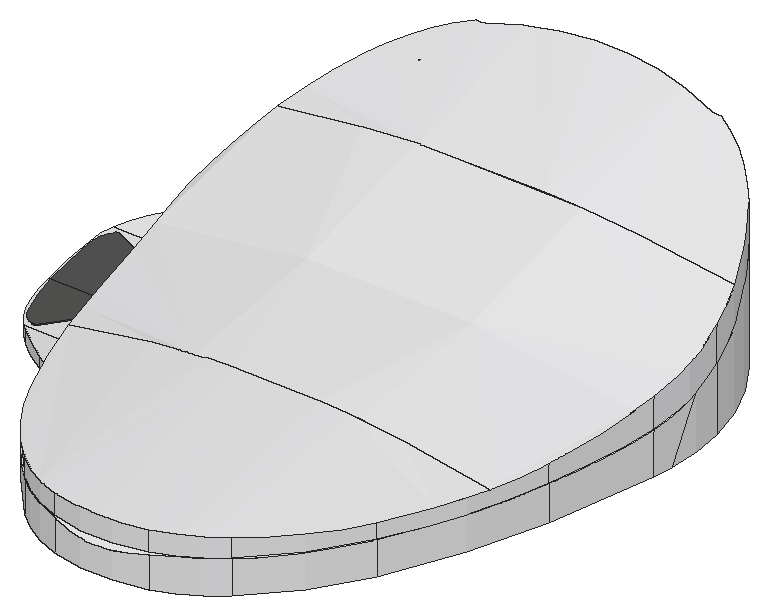
Revit family "Toilet_Seat-Elongated_Closed_Front-KOHLER-C3-230-K-4108T", category Plumbing Fixtures, host Face, Revit 2017
Family settings
  Host = Face
  Round Connector Dimension = Use Diameter
  Part Type = Normal
  OmniClass Number = 23.31.19.19.17
  OmniClass Title = Water Closet Seats
  Cut with Voids When Loaded = No
  Shared = No
  Room Calculation Point = No
Parameters (values of type "0-White")
  Width = 17 1/8"  # constant formula
  WaterSense Certified = 1 = 0  # no
  Waste Connection = 1 = 0  # no
  Voltage = 240 V  # constant formula
  Vent Connection = 1 = 0  # no
  URL = "http://www.kohler.com.cn/"
  Product Page URL = "https://www.kohler.com.cn/product/K-4108T-0/K-4108T-0/"
  Product Name = "C3-230"  # constant formula
  Product Documentation Link = "https://files.kohler.com.cn/pdfs/4108T.pdf"
  Model = "K-4108T-0"  # constant formula
  Material = "Plastic"  # constant formula
  MasterFormat 2004 = "10.28.13"  # constant formula
  MasterFormat 1995 = "10820"  # constant formula
  Manufacturer Address = "Kohler Beijing Office (100016) 36-2-03-B, No. 88, Liuxiang Road, Beijing"  # constant formula
  Manufacturer = "KOHLER Co."  # constant formula
  Length = 20 1/2"  # constant formula
  Height = 6 3/16"  # constant formula
  HW Connection = 1 = 0  # no
  Finish = Kohler-Plastic-0-White
  Environmental Product Declaration = ""
  Electrical Note = "Route the electrical and install to a 220-240V GFCI- or ELCB-protected Receptacle"  # constant formula
  Electrical Connector = 1 = 1  # yes
  Description = "Qingshubao Smart Toilet Cover"  # constant formula
  Default Elevation = 0"
  Declare Label = ""
  Date Modified = "12/22/2020"  # constant formula
  Date Created = "12/22/2020"  # constant formula
  Copyright = "Copyright KOHLER Co."  # constant formula
  Contact Us = "http://www.kohler.com.cn/contact/contact-us/"
  Cold Water Inlet = "Cold Water Inlet"  # constant formula
  CW Connection = 1 = 1  # yes
  Assembly Code = "C1030200"
  Apparent Load = 2400 VA  # constant formula
  ADA Compliant = 1 = 0  # no
Reference planes (in)
  plane 1 "Center (Front/Back)": y = 0
  plane 2: z = 0
  plane 3 "Center (Left/Right)": x = 0
  plane 4: y = -20.5
  plane 5: z = 6.1875
  plane 6: x = 7.69278
  plane 7: x = -9.43222
  plane 8: z = 0.25235
  plane 9: y = -10.75
  plane 10: y = -5.80094
  plane 11: x = -7.9233
  plane 12: z = 0.92035
Dimensions and locks (in)
  "Length": plane 4 to plane 1 "Center (Front/Back)"
  "Height": plane 5 to level
  "Width": plane 6 to plane 7
  plane 9 to plane 1 "Center (Front/Back)" = 10 3/4"
  aligned and locked: plane 2 to host face
  aligned and locked: level to host face
Automatic sketch dimensions
  host sketch curve to host sketch curve = 96"  (x2)
Nested families (in)
  nested 1: "K-4108T" at (0.00528, 0, 0), type "K-4108T"
  nested 2: "Light Source" at (-0.00955, 0.2126, 0.60029) x (0, 1, 0) z (0, 0, 1), type "Light Source"
Connectors (in)
  electrical at (-7.33232, -4.75583, 1.1855), driven by "Electrical Connector", driven by "Electrical Note", driven by "Voltage", driven by "Apparent Load"
    settings: on nested 1, index 1, voltage 240 V, apparent load 2400 VA, apparent load phase1 0 VA, apparent load phase2 0 VA, apparent load phase3 0 VA, power factor 1, load classification "Power", number of poles 1, system type 30, power factor state 1, is connector primary yes, connector utility yes, sub classification motor no, connector description "Route the electrical and install to a 220-240V GFCI- or ELCB-protected Receptacle"
  piping at (-7.9233, -5.80094, 0.92035), diameter 0.5, driven by "CW Connection", driven by "Cold Water Inlet"
    settings: on nested 1, index 2, connector inside diameter 24", connector length 0", flow factor 0, pipe flow 0 GPM, pressure drop 0.00 psi, fitting loss kfactor 0, connector angle 0.00°, fixture units 0, engagement length 0", angle of deflection 0.00°, flow configuration 0, flow direction 1, fitting loss method 0, system type 20, joint type 0, gender type 0, connector reference index -1, connector utility 1, adjustable connector no, is connector primary yes, connector description "Cold Water Inlet"
Definition of nested family "K-4108T"
  Parameters (values of type "K-4108T")
    Finish = none
  Reference planes (in)
    plane 1 "Center (Front/Back)": y = 0
    plane 2: z = 0
    plane 3 "Center (Left/Right)": x = 0
    plane 4: z = 6.1875
    plane 5: x = 7.6875
    plane 6: z = 0.22718
    plane 7: y = -20.5
    plane 8: x = -9.43848
    plane 9: z = 0.25235
    plane 10: y = -5.80094
    plane 11: x = -7.92858
    plane 12: z = 0.92035
  Forms (in)
    Extrusion 1, solid, material <- "Finish", detail levels medium+fine
      sketch origin (0, 0, 0) x (1, 0, 0) y (0, 1, 0)
        loop
          arc (3.21811, -0.46301) -> (0, -0.01438) -> (-3.21811, -0.46301) r 11.76638
          arc (-3.21811, -0.46301) -> (-4.76648, -1.17358) -> (-6.02837, -2.31811) r 5.58153
          arc (-6.02837, -2.31811) -> (-6.95535, -3.77962) -> (-7.52246, -5.41477) r 7.49639
          arc (-7.52246, -5.41477) -> (-7.69326, -6.71655) -> (-7.63433, -8.02816) r 7.49639
          arc (-7.63433, -8.02816) -> (-7.37625, -9.73974) -> (-7.05989, -11.44151) r 50.69936
          arc (-7.05989, -11.44151) -> (-6.405, -13.86808) -> (-5.4516, -16.19363) r 20.04551
          arc (-5.4516, -16.19363) -> (-4.49347, -17.77758) -> (-3.26114, -19.15898) r 10.05231
          arc (-3.26114, -19.15898) -> (-2.42572, -19.77763) -> (-1.47313, -20.19384) r 4.61995
          arc (-1.47313, -20.19384) -> (0, -20.41586) -> (1.47313, -20.19384) r 4.99813
          arc (1.47313, -20.19384) -> (2.42572, -19.77763) -> (3.26114, -19.15898) r 4.61995
          arc (3.26114, -19.15898) -> (4.49347, -17.77758) -> (5.4516, -16.19363) r 10.05231
          arc (5.4516, -16.19363) -> (6.405, -13.86808) -> (7.05989, -11.44151) r 20.04551
          arc (7.05989, -11.44151) -> (7.37625, -9.73974) -> (7.63433, -8.02816) r 50.69936
          arc (7.63433, -8.02816) -> (7.69326, -6.71655) -> (7.52246, -5.41477) r 7.49639
          arc (7.52246, -5.41477) -> (6.95535, -3.77962) -> (6.02837, -2.31811) r 7.49639
          arc (6.02837, -2.31811) -> (4.76648, -1.17358) -> (3.21811, -0.46301) r 5.58153
      from 0 to 6.36348
    Sweep 2, void
      path origin (0, 0, 0) x (0, 1, 0) y (0, 0, 1)
        loop
          arc (1.8246, 6.40275) -> (-1.37626, 5.34999) -> (-4.52538, 4.15126) r 73.3181
          arc (-4.52538, 4.15126) -> (-8.81367, 2.75925) -> (-13.25858, 2.00433) r 30.9836
          arc (-13.25858, 2.00433) -> (-17.09675, 1.67581) -> (-20.94073, 1.42436) r 192.0335
      profile origin (0, -13.25858, 2.00433) x (0, 0.095268, -0.995452) y (1, 0, 0)
        loop
          arc (0.9375, -8.5) -> (-0.25712, 0.01451) -> (0.9375, 8.52903) r 30.9405
          line (0.9375, 8.52903) -> (-5.5625, 8.52903) -> (-5.5625, -8.5) -> (0.9375, -8.5)
    Extrusion 3, void, detail levels medium+fine
      sketch origin (0, 0, 0) x (0, 1, 0) y (0, 0, 1)
        loop
          line (-20.49173, 1.05407) -> (-20.49173, 0.71365)
          arc (-20.49173, 0.71365) -> (-20.23088, 0.95214) -> (-19.88816, 1.03852) r 0.72311
          line (-19.88816, 1.03852) -> (-18.71042, 1.03852)
          arc (-18.71042, 1.03852) -> (-17.49482, 1.04049) -> (-16.27923, 1.04639) r 375.63314
          arc (-16.27923, 1.04639) -> (-14.89289, 1.05352) -> (-13.50654, 1.05699) r 523.6616
          arc (-13.50654, 1.05699) -> (-11.49299, 1.08519) -> (-9.48082, 1.16501) r 78.51973
          arc (-9.48082, 1.16501) -> (-8.26866, 1.28139) -> (-7.07109, 1.50204) r 14.08347
          arc (-7.07109, 1.50204) -> (-6.77673, 1.57318) -> (-6.48411, 1.65116) r 12.98825
          line (-6.48411, 1.65116) -> (-7.40766, -0.03784) -> (-7.37213, -0.03784) -> (-6.44214, 1.66294)
          arc (-6.44214, 1.66294) -> (-4.72017, 2.28366) -> (-3.10256, 3.14027) r 12.98825
          arc (-3.10256, 3.14027) -> (-2.23069, 3.70777) -> (-1.38156, 4.30878) r 26.72135
          arc (-1.38156, 4.30878) -> (-1.14448, 4.2177) -> (-0.89238, 4.24859) r 0.52488
          arc (-0.89238, 4.24859) -> (-0.34442, 4.35267) -> (0.20535, 4.25858) r 1.56975
          line (0.20535, 4.25858) -> (0.20535, 6.34477) -> (-0.69392, 5.64218)
          arc (-0.69392, 5.64218) -> (-0.6392, 5.2552) -> (-0.57657, 4.86943) r 19.0916
          arc (-0.57657, 4.86943) -> (-0.57225, 4.69665) -> (-0.61791, 4.52995) r 0.59331
          arc (-0.61791, 4.52995) -> (-0.97209, 4.24156) -> (-1.41296, 4.36096) r 0.5004
          arc (-1.41296, 4.36096) -> (-2.82336, 3.35624) -> (-4.3312, 2.50468) r 16.51938
          arc (-4.3312, 2.50468) -> (-6.65609, 1.62593) -> (-9.10945, 1.22798) r 12.41261
          arc (-9.10945, 1.22798) -> (-11.98075, 1.09756) -> (-14.85468, 1.05407) r 94.98598
          line (-14.85468, 1.05407) -> (-20.49173, 1.05407)
      from -7.77013 to 7.75302
    Extrusion 4, solid, material <- "Finish", detail levels medium+fine
      sketch origin (0, 0, 0) x (0, 1, 0) y (0, 0, 1)
        loop
          line (-0.16582, 4.11715) -> (-0.34721, 4.90284)
          arc (-0.34721, 4.90284) -> (-0.48688, 5.20803) -> (-0.73542, 5.43359) r 0.8352
          line (-0.73542, 5.43359) -> (-0.73542, 4.11715) -> (-0.16582, 4.11715)
      from -2.95276 to 3.11696
    Extrusion 5, void
      sketch origin (0, -0.03125, 0) x (1, 0, 0) y (0, 1, 0)
        loop
          line (3.21811, -0.46301) -> (3.21811, 0.03699) -> (-3.09878, 0.03699) -> (-3.09878, -0.42983)
          arc (-3.09878, -0.42983) -> (-1.56294, -0.13194) -> (0, -0.06309) r 10.61202
          arc (0, -0.06309) -> (1.62442, -0.1394) -> (3.21811, -0.46301) r 10.61202
      from 3.90511 to 5.72495
    Extrusion 6, solid, material <- "Finish", detail levels medium+fine
      sketch origin (0, 0, 0) x (0, 1, 0) y (0, 0, 1)
        loop
          line (-0.51973, 5.55823) -> (-0.88809, 5.38646) -> (-0.88809, 4.19155) -> (-0.12784, 4.19155) -> (-0.51973, 5.55823)
      from 3.01179 to 3.13401
    Extrusion 7, solid, material <- "Finish", detail levels medium+fine
      sketch origin (0, 0, 0) x (0, 1, 0) y (0, 0, -1)
        loop
          line (-0.51973, -5.55823) -> (-0.12784, -4.19155) -> (-0.88809, -4.19155) -> (-0.88809, -5.38646) -> (-0.51973, -5.55823)
      from 3.01179 to 3.13401
    Extrusion 8, solid, material <- "Finish"
      sketch origin (0, 0, 0) x (0, 1, 0) y (0, 0, 1)
        loop
          arc (-8.10861, 1.13089) -> (-9.43948, 0.95739) -> (-10.77935, 0.87941) r 18.77516
          arc (-10.77935, 0.87941) -> (-11.8877, 0.86934) -> (-12.99593, 0.88876) r 41.66374
          arc (-12.99593, 0.88876) -> (-13.79881, 0.93633) -> (-14.59771, 1.02931) r 14.18731
          line (-14.59771, 1.02931) -> (-14.59771, 0.7053) -> (-13.86937, 0.58994)
          arc (-13.86937, 0.58994) -> (-12.86766, 0.46162) -> (-11.8601, 0.39294) r 17.01978
          arc (-11.8601, 0.39294) -> (-10.9891, 0.37509) -> (-10.11801, 0.38842) r 24.33662
          arc (-10.11801, 0.38842) -> (-9.35234, 0.41616) -> (-8.58684, 0.44849) r 127.68557
          arc (-8.58684, 0.44849) -> (-7.7288, 0.57474) -> (-6.91345, 0.87035) r 4.30622
          line (-6.91345, 0.87035) -> (-6.4655, 1.67849)
          arc (-6.4655, 1.67849) -> (-7.26561, 1.34035) -> (-8.10861, 1.13089) r 5.56286
      from -9.63232 to -5.35433
    Extrusion 9, void
      sketch origin (0, 0, 0) x (1, 0, 0) y (0, 1, 0)
        loop
          line (-7.54489, -6.48776) -> (-7.54489, -6.15976) -> (-9.79489, -6.15976) -> (-9.79489, -14.78489) -> (-5.84699, -14.78489) -> (-6.91653, -14.03599)
          arc (-6.91653, -14.03599) -> (-7.47514, -13.62185) -> (-8.0105, -13.17806) r 12.83427
          arc (-8.0105, -13.17806) -> (-8.5294, -12.58959) -> (-8.88113, -11.88828) r 3.05193
          arc (-8.88113, -11.88828) -> (-9.27387, -10.39394) -> (-9.42667, -8.85643) r 9.79239
          arc (-9.42667, -8.85643) -> (-9.27516, -8.06851) -> (-8.81547, -7.41089) r 1.92403
          arc (-8.81547, -7.41089) -> (-8.20845, -6.91041) -> (-7.54489, -6.48776) r 6.43387
      from 0.25591 to 1.78504
    Extrusion 10, solid, material <- "Finish", detail levels medium+fine
      sketch origin (0, 0, 0) x (0, 1, 0) y (0, 0, 1)
        loop
          arc (-1.2979, 4.73942) -> (-3.56552, 3.16493) -> (-6.10642, 2.08558) r 13.47548
          arc (-6.10642, 2.08558) -> (-9.2036, 1.39709) -> (-12.37103, 1.21299) r 19.76718
          arc (-12.37103, 1.21299) -> (-15.43707, 1.26604) -> (-18.50349, 1.28853) r 307.77215
          arc (-18.50349, 1.28853) -> (-19.1969, 1.28938) -> (-19.89031, 1.28867) r 307.77215
          line (-19.89031, 1.28867) -> (-19.89031, 0.91173) -> (-18.56185, 0.91173)
          arc (-18.56185, 0.91173) -> (-14.02488, 0.953) -> (-9.48942, 1.0768) r 249.40123
          arc (-9.48942, 1.0768) -> (-5.13825, 1.95608) -> (-1.2979, 4.1826) r 13.67664
          line (-1.2979, 4.1826) -> (-1.2979, 4.73942)
      from -7.44902 to 7.38839
    Extrusion 11, void
      sketch origin (0, 0, 0) x (1, 0, 0) y (0, 1, 0)
        loop
          arc (5.63988, -2.63286) -> (4.49102, -1.59086) -> (3.08136, -0.94395) r 5.08153
          arc (3.08136, -0.94395) -> (0, -0.51438) -> (-3.08136, -0.94395) r 11.26638
          arc (-3.08136, -0.94395) -> (-4.49102, -1.59086) -> (-5.63988, -2.63286) r 5.08153
          arc (-5.63988, -2.63286) -> (-6.50502, -3.9969) -> (-7.03431, -5.52298) r 6.99639
          arc (-7.03431, -5.52298) -> (-7.19372, -6.73793) -> (-7.13872, -7.96206) r 6.99639
          arc (-7.13872, -7.96206) -> (-6.88318, -9.65676) -> (-6.56995, -11.34175) r 50.19936
          arc (-6.56995, -11.34175) -> (-5.93139, -13.70779) -> (-5.00177, -15.97533) r 19.54551
          arc (-5.00177, -15.97533) -> (-4.93948, -16.10133) -> (-4.87534, -16.22639) r 9.55231
          arc (-4.87534, -16.22639) -> (0, -19.1806) -> (4.87534, -16.22639) r 5.5
          arc (4.87534, -16.22639) -> (4.93948, -16.10133) -> (5.00177, -15.97533) r 9.55231
          arc (5.00177, -15.97533) -> (5.93139, -13.70779) -> (6.56995, -11.34175) r 19.54551
          arc (6.56995, -11.34175) -> (6.88318, -9.65676) -> (7.13872, -7.96206) r 50.19936
          arc (7.13872, -7.96206) -> (7.19372, -6.73793) -> (7.03431, -5.52298) r 6.99639
          arc (7.03431, -5.52298) -> (6.50502, -3.9969) -> (5.63988, -2.63286) r 6.99639
        loop
          line (7.56728, -0.27809) -> (-7.55772, -0.27809) -> (-7.55772, -20.09059) -> (7.56728, -20.09059) -> (7.56728, -0.27809)
      from 0 to 12
    Extrusion 12, solid, material <- "Finish", detail levels coarse
      sketch origin (0, 0, 0) x (1, 0, 0) y (0, 1, 0)
        loop
          arc (-3.21811, -0.46301) -> (-4.76648, -1.17358) -> (-6.02837, -2.31811) r 5.58153
          arc (-6.02837, -2.31811) -> (-6.95535, -3.77962) -> (-7.52246, -5.41477) r 7.49639
          arc (-7.52246, -5.41477) -> (-7.69326, -6.71655) -> (-7.63433, -8.02816) r 7.49639
          arc (-7.63433, -8.02816) -> (-7.37625, -9.73974) -> (-7.05989, -11.44151) r 50.69936
          arc (-7.05989, -11.44151) -> (-6.405, -13.86808) -> (-5.4516, -16.19363) r 20.04551
          arc (-5.4516, -16.19363) -> (-4.49347, -17.77758) -> (-3.26114, -19.15898) r 10.05231
          arc (-3.26114, -19.15898) -> (-2.42572, -19.77763) -> (-1.47313, -20.19384) r 4.61995
          arc (-1.47313, -20.19384) -> (0, -20.41586) -> (1.47313, -20.19384) r 4.99813
          arc (1.47313, -20.19384) -> (2.42572, -19.77763) -> (3.26114, -19.15898) r 4.61995
          arc (3.26114, -19.15898) -> (4.49347, -17.77758) -> (5.4516, -16.19363) r 10.05231
          arc (5.4516, -16.19363) -> (6.405, -13.86808) -> (7.05989, -11.44151) r 20.04551
          arc (7.05989, -11.44151) -> (7.37625, -9.73974) -> (7.63433, -8.02816) r 50.69936
          arc (7.63433, -8.02816) -> (7.69326, -6.71655) -> (7.52246, -5.41477) r 7.49639
          arc (7.52246, -5.41477) -> (6.95535, -3.77962) -> (6.02837, -2.31811) r 7.49639
          arc (6.02837, -2.31811) -> (4.76648, -1.17358) -> (3.21811, -0.46301) r 5.58153
          arc (3.21811, -0.46301) -> (0, -0.01438) -> (-3.21811, -0.46301) r 11.76638
      from 0 to 6.34881
    Extrusion 13, void
      sketch origin (0, 0, -0.03125) x (0, 1, 0) y (0, 0, 1)
        loop
          arc (-7.93442, 3.2589) -> (-5.08319, 4.24938) -> (-2.30259, 5.42364) r 46.27143
          arc (-2.30259, 5.42364) -> (-1.03658, 5.87517) -> (0.28966, 6.09375) r 7.50888
          line (0.28966, 6.09375) -> (0.28966, 6.79546) -> (-20.52284, 6.79546) -> (-20.52284, 1.67852)
          arc (-20.52284, 1.67852) -> (-17.1429, 1.94572) -> (-13.76053, 2.18026) r 351.19212
          arc (-13.76053, 2.18026) -> (-10.81544, 2.54655) -> (-7.93442, 3.2589) r 25.02584
      from -7.86471 to 7.80039
    Extrusion 14, solid, detail levels medium+fine
      sketch origin (0, 0, 0) x (1, 0, 0) y (0, 1, 0)
        loop
          line (-7.66059, -8.85921) -> (-8.97901, -8.27688)
          arc (-8.97901, -8.27688) -> (-9.05975, -8.26728) -> (-9.13198, -8.3046) r 0.13864
          arc (-9.13198, -8.3046) -> (-9.31577, -8.57899) -> (-9.37417, -8.90404) r 0.80647
          arc (-9.37417, -8.90404) -> (-9.14862, -10.68457) -> (-8.58215, -12.38759) r 9.21353
          arc (-8.58215, -12.38759) -> (-8.38895, -12.65544) -> (-8.10459, -12.82339) r 0.80647
          arc (-8.10459, -12.82339) -> (-7.99849, -12.81635) -> (-7.92858, -12.73623) r 0.13864
          line (-7.92858, -12.73623) -> (-7.22795, -11.6975)
          arc (-7.22795, -11.6975) -> (-7.1452, -11.50253) -> (-7.1415, -11.29077) r 0.555
          line (-7.1415, -11.29077) -> (-7.54462, -9.00457)
          arc (-7.54462, -9.00457) -> (-7.58476, -8.91766) -> (-7.66059, -8.85921) r 0.20078
      from 0.71093 to 1.15125
    Extrusion 15, void
      sketch origin (0, 0, 0) x (0, 1, 0) y (0, 0, 1)
        loop
          line (-8.10861, 1.14652) -> (-8.10861, 3.6425) -> (-12.98601, 3.47218) -> (-12.98601, 0.90408)
          arc (-12.98601, 0.90408) -> (-11.88274, 0.88495) -> (-10.77935, 0.89503) r 41.66374
          arc (-10.77935, 0.89503) -> (-9.43948, 0.97301) -> (-8.10861, 1.14652) r 18.77516
      from -9.60925 to -6.96734
    Extrusion 16, solid
      sketch origin (0, 0, 0) x (0, 1, 0) y (0, 0, 1)
        loop
          circle (-5.80094, 0.92035) r 0.5
        loop
          circle (-5.80094, 0.92035) r 0.40915
      from -7.92858 to -7.26578
  Cuts and joins
    Sweep 2, Extrusion 3 cuts Extrusion 1
    Extrusion 5, Extrusion 15 cuts Extrusion 4
    Extrusion 15 cuts Extrusion 6
    Extrusion 15 cuts Extrusion 7
    joined: Extrusion 1, Extrusion 4, Extrusion 6, Extrusion 7
    Extrusion 9 cuts Extrusion 8
    Extrusion 11 cuts Extrusion 10
    Extrusion 13 cuts Extrusion 12
    Extrusion 15 cuts Extrusion 14
  Lines and regions (in)
    Masking region 1
      outline origin (0, 0, 0) x (1, 0, 0) y (0, 1, 0)
        loop
          arc (-6.02837, -2.31811) -> (-6.92977, -3.72712) -> (-7.49629, -5.30094) r 7.49639
          line (-7.49629, -5.30094) -> (-7.92858, -5.30094) -> (-7.92858, -6.30094) -> (-7.66388, -6.30094)
          arc (-7.66388, -6.30094) -> (-7.67585, -6.43435) -> (-7.68542, -6.56795) r 7.49639
          arc (-7.68542, -6.56795) -> (-8.2736, -6.95838) -> (-8.81547, -7.41089) r 6.43387
          arc (-8.81547, -7.41089) -> (-9.27713, -8.06532) -> (-9.43848, -8.84978) r 1.96001
          arc (-9.43848, -8.84978) -> (-9.27745, -10.39061) -> (-8.88113, -11.88828) r 10.03311
          arc (-8.88113, -11.88828) -> (-8.5294, -12.58959) -> (-8.0105, -13.17806) r 3.05193
          arc (-8.0105, -13.17806) -> (-7.47514, -13.62185) -> (-6.91653, -14.03599) r 12.83427
          line (-6.91653, -14.03599) -> (-6.15964, -14.56596)
          arc (-6.15964, -14.56596) -> (-5.82648, -15.38697) -> (-5.45736, -16.19245) r 20.04551
          arc (-5.45736, -16.19245) -> (-4.39268, -17.91802) -> (-3.00338, -19.39483) r 10.05231
          arc (-3.00338, -19.39483) -> (-1.77451, -20.15848) -> (-0.36858, -20.5) r 4.57275
          line (-0.36858, -20.5) -> (0.35706, -20.5)
          arc (0.35706, -20.5) -> (1.763, -20.15848) -> (2.99186, -19.39483) r 4.57275
          arc (2.99186, -19.39483) -> (4.38116, -17.91802) -> (5.44584, -16.19245) r 10.05231
          arc (5.44584, -16.19245) -> (6.39924, -13.8669) -> (7.05414, -11.44033) r 20.04551
          arc (7.05414, -11.44033) -> (7.37049, -9.73856) -> (7.62857, -8.02698) r 50.69936
          arc (7.62857, -8.02698) -> (7.66435, -7.47123) -> (7.6875, -6.91482) r 24.52049
          arc (7.6875, -6.91482) -> (7.64149, -6.15972) -> (7.5167, -5.41359) r 7.21769
          arc (7.5167, -5.41359) -> (6.94959, -3.77844) -> (6.02261, -2.31692) r 7.49639
          arc (6.02261, -2.31692) -> (4.72672, -1.15013) -> (3.13401, -0.44017) r 5.58153
          line (3.13401, -0.44017) -> (3.13401, -0.12784) -> (3.01179, -0.12784) -> (3.01179, -0.40637)
          arc (3.01179, -0.40637) -> (1.51883, -0.10731) -> (0, 0) r 11.98243
          arc (0, 0) -> (-1.51542, -0.13262) -> (-3.01179, -0.40637) r 16.25009
          line (-3.01179, -0.40637) -> (-3.01179, -0.12784) -> (-3.13401, -0.12784) -> (-3.13401, -0.43981)
          arc (-3.13401, -0.43981) -> (-4.72997, -1.14969) -> (-6.02837, -2.31811) r 5.58153
    Masking region 2
      outline origin (0, 0, 0) x (0, 1, 0) y (0, 0, 1)
        loop
          line (-1.41296, 0) -> (-1.15118, 0.112) -> (-0.2623, 0.112)
          arc (-0.2623, 0.112) -> (-0.18086, 0.14574) -> (-0.14712, 0.22718) r 0.11518
          line (-0.14712, 0.22718) -> (-0.14712, 0.31763) -> (0, 0.31763) -> (0, 4.31763)
          arc (0, 4.31763) -> (-0.07165, 5.20109) -> (-0.09218, 6.08721) r 15.34783
          arc (-0.09218, 6.08721) -> (-0.05188, 6.10384) -> (-0.01441, 6.12612) r 0.3011
          arc (-0.01441, 6.12612) -> (-0.0013, 6.16317) -> (-0.03219, 6.18748) r 0.03373
          arc (-0.03219, 6.18748) -> (-0.24273, 6.09674) -> (-0.45368, 6.00697) r 50.15612
          arc (-0.45368, 6.00697) -> (-3.79177, 4.67503) -> (-7.18144, 3.48046) r 88.03294
          arc (-7.18144, 3.48046) -> (-9.08639, 2.9392) -> (-11.02971, 2.55801) r 23.82542
          arc (-11.02971, 2.55801) -> (-12.76524, 2.32142) -> (-14.50767, 2.14268) r 52.65261
          arc (-14.50767, 2.14268) -> (-16.58148, 1.97311) -> (-18.65657, 1.82014) r 260.00975
          arc (-18.65657, 1.82014) -> (-19.52349, 1.76712) -> (-20.39118, 1.72885) r 51.08368
          arc (-20.39118, 1.72885) -> (-20.47674, 1.69071) -> (-20.51181, 1.60385) r 0.12508
          line (-20.51181, 1.60385) -> (-20.32251, 1.05407) -> (-20.18798, 1.05407)
          arc (-20.18798, 1.05407) -> (-20.43234, 0.67291) -> (-20.51181, 0.22718) r 1.15762
          line (-20.51181, 0.22718) -> (-19.81425, 0.22718) -> (-19.30399, 0) -> (-1.41296, 0)
    Masking region 3
      outline origin (0, 0, 0) x (1, 0, 0) y (0, 0, 1)
        loop
          line (-7.6875, 2.67163) -> (-7.6875, 1.62631)
          spline (-7.6875, 1.62631) -> (-7.78807, 1.59745) -> (-7.88755, 1.56878) -> (-7.9859, 1.54029) -> (-8.08311, 1.51201) -> (-8.17912, 1.48395) -> (-8.27392, 1.4561) -> (-8.36747, 1.42848) -> (-8.45974, 1.4011) -> (-8.55071, 1.37396) -> (-8.64034, 1.34709) -> (-8.7286, 1.32047) -> (-8.81547, 1.29413)
          spline (-8.81547, 1.29413) -> (-8.86637, 1.27952) -> (-8.91544, 1.26503) -> (-8.96259, 1.25067) -> (-9.00777, 1.23648) -> (-9.05092, 1.22247) -> (-9.09197, 1.20865) -> (-9.13089, 1.19505) -> (-9.1676, 1.18168) -> (-9.20208, 1.16856) -> (-9.23426, 1.15571) -> (-9.26411, 1.14315) -> (-9.29158, 1.13089)
          arc (-9.29158, 1.13089) -> (-9.36198, 1.09112) -> (-9.42487, 1.04031) r 0.48988
          arc (-9.42487, 1.04031) -> (-9.43501, 1.01727) -> (-9.43848, 0.99235) r 0.09128
          line (-9.43848, 0.99235) -> (-9.43848, 0.47145)
          arc (-9.43848, 0.47145) -> (-9.43353, 0.45369) -> (-9.42667, 0.43658) r 0.16886
          spline (-9.42667, 0.43658) -> (-9.42398, 0.43208) -> (-9.42015, 0.42766) -> (-9.41519, 0.42334) -> (-9.40909, 0.4191) -> (-9.40185, 0.41495) -> (-9.39348, 0.41089) -> (-9.38397, 0.40691) -> (-9.37333, 0.40303) -> (-9.36156, 0.39924) -> (-9.34865, 0.39555) -> (-9.33462, 0.39194) -> (-9.31946, 0.38842)
          arc (-9.31946, 0.38842) -> (-9.22031, 0.37831) -> (-9.1207, 0.37494) r 1.47116
          line (-9.1207, 0.37494) -> (-7.6875, 0.37494) -> (-7.6875, 0.24892)
          arc (-7.6875, 0.24892) -> (-7.68113, 0.23355) -> (-7.66576, 0.22718) r 0.02174
          line (-7.66576, 0.22718) -> (-7.02629, 0.22718) -> (-6.79911, 0) -> (6.79911, 0) -> (7.02629, 0.22718) -> (7.66406, 0.22718)
          arc (7.66406, 0.22718) -> (7.68064, 0.23405) -> (7.6875, 0.25062) r 0.02344
          line (7.6875, 0.25062) -> (7.6875, 2.67163)
          arc (7.6875, 2.67163) -> (7.47388, 3.16088) -> (7.18431, 3.60937) r 3.30665
          spline (7.18431, 3.60937) -> (7.1127, 3.69953) -> (7.03644, 3.78929) -> (6.95556, 3.87859) -> (6.87012, 3.96738) -> (6.78016, 4.05562) -> (6.68573, 4.14325) -> (6.58688, 4.23023) -> (6.48368, 4.31651) -> (6.37617, 4.40204) -> (6.26442, 4.48678) -> (6.14849, 4.57066) -> (6.02844, 4.65366)
          spline (6.02844, 4.65366) -> (5.88452, 4.74763) -> (5.73368, 4.83966) -> (5.57529, 4.92937) -> (5.40961, 5.01661) -> (5.23691, 5.10125) -> (5.05748, 5.18314) -> (4.87162, 5.26215) -> (4.67963, 5.33814) -> (4.48182, 5.41099) -> (4.27853, 5.48059) -> (4.07009, 5.54681) -> (3.85685, 5.60954)
          arc (3.85685, 5.60954) -> (2.29337, 5.96514) -> (0.70142, 6.1565) r 15.42454
          arc (0.70142, 6.1565) -> (0.48285, 6.17165) -> (0.26433, 6.1875) r 69.2082
          line (0.26433, 6.1875) -> (-0.16391, 6.1875)
          arc (-0.16391, 6.1875) -> (-0.60013, 6.16318) -> (-1.03567, 6.12879) r 18.89343
          arc (-1.03567, 6.12879) -> (-2.43072, 5.93796) -> (-3.80262, 5.62096) r 15.45488
          spline (-3.80262, 5.62096) -> (-4.02143, 5.55729) -> (-4.23532, 5.49001) -> (-4.44392, 5.41924) -> (-4.64688, 5.34511) -> (-4.84383, 5.26774) -> (-5.03445, 5.18726) -> (-5.2184, 5.10381) -> (-5.39537, 5.01754) -> (-5.56505, 4.9286) -> (-5.72716, 4.83713) -> (-5.88142, 4.7433) -> (-6.02755, 4.64726)
          spline (-6.02755, 4.64726) -> (-6.14837, 4.56474) -> (-6.26418, 4.48103) -> (-6.37583, 4.39644) -> (-6.48323, 4.31102) -> (-6.58635, 4.2248) -> (-6.6851, 4.13783) -> (-6.77945, 4.05017) -> (-6.86934, 3.96187) -> (-6.95472, 3.87297) -> (-7.03554, 3.78352) -> (-7.11175, 3.69357) -> (-7.18332, 3.60317)
          arc (-7.18332, 3.60317) -> (-7.47191, 3.15716) -> (-7.6875, 2.67163) r 3.39995
    symbolic lines, detail levels medium+fine
      curve 1: arc (-7.05989, -11.44151, 0) -> (-6.66984, -13.02474, 0) -> (-6.1524, -14.57103, 0) r 20.04551
      curve 2: arc (-7.68547, -7.63282, 0) -> (-7.40894, -9.54312, 0) -> (-7.05989, -11.44151, 0) r 50.69936
      curve 3: line (-3.13401, -0.43981, 0) -> (-3.01403, -0.40771, 0)
      curve 4: line (3.01179, -0.40637, 0) -> (3.13401, -0.43981, 0)
      curve 5: spline (0, -5.35163, 3.113) -> (0, -5.1679, 3.19333) -> (0, -4.98592, 3.27511) -> (0, -4.80578, 3.35831) -> (0, -4.62759, 3.44288) -> (0, -4.45144, 3.52876) -> (0, -4.27742, 3.61592) -> (0, -4.10563, 3.70431) -> (0, -3.93617, 3.79387) -> (0, -3.76913, 3.88456) -> (0, -3.6046, 3.97633) -> (0, -3.44267, 4.06913) -> (0, -3.28343, 4.16291)
      curve 6: spline (0, -7.99906, 2.24154) -> (0, -7.7732, 2.29687) -> (0, -7.54755, 2.35557) -> (0, -7.32234, 2.41756) -> (0, -7.09779, 2.4828) -> (0, -6.87412, 2.55121) -> (0, -6.65155, 2.62274) -> (0, -6.43032, 2.6973) -> (0, -6.21062, 2.77483) -> (0, -5.99269, 2.85524) -> (0, -5.77674, 2.93847) -> (0, -5.56298, 3.02442) -> (0, -5.35163, 3.113)
      curve 7: spline (0, -11.39269, 1.66855) -> (0, -11.10907, 1.70006) -> (0, -10.82548, 1.73455) -> (0, -10.54193, 1.77199) -> (0, -10.25849, 1.8124) -> (0, -9.97518, 1.85577) -> (0, -9.69204, 1.90208) -> (0, -9.40912, 1.95134) -> (0, -9.12645, 2.00354) -> (0, -8.84407, 2.05866) -> (0, -8.56202, 2.11671) -> (0, -8.28034, 2.17767) -> (0, -7.99906, 2.24154)
      curve 8: spline (0, -13.2473, 1.54431) -> (0, -13.09424, 1.54901) -> (0, -12.94086, 1.55474) -> (0, -12.78717, 1.5615) -> (0, -12.63318, 1.56929) -> (0, -12.47892, 1.57811) -> (0, -12.3244, 1.58796) -> (0, -12.16963, 1.59883) -> (0, -12.01463, 1.61073) -> (0, -11.85943, 1.62365) -> (0, -11.70402, 1.6376) -> (0, -11.54844, 1.65256) -> (0, -11.39269, 1.66855)
      curve 9: spline (0, -16.19397, 1.51586) -> (0, -15.95574, 1.51406) -> (0, -15.71604, 1.51302) -> (0, -15.4749, 1.51273) -> (0, -15.23236, 1.51321) -> (0, -14.98848, 1.51445) -> (0, -14.74329, 1.51644) -> (0, -14.49685, 1.5192) -> (0, -14.24919, 1.52271) -> (0, -14.00036, 1.52698) -> (0, -13.7504, 1.53201) -> (0, -13.49937, 1.53779) -> (0, -13.2473, 1.54433)
      curve 10: spline (0, -18.46552, 1.58231) -> (0, -18.29294, 1.57533) -> (0, -18.117, 1.56859) -> (0, -17.9378, 1.56212) -> (0, -17.75543, 1.5559) -> (0, -17.56998, 1.54995) -> (0, -17.38155, 1.54426) -> (0, -17.19024, 1.53884) -> (0, -16.99615, 1.53369) -> (0, -16.79937, 1.52881) -> (0, -16.60001, 1.52421) -> (0, -16.39818, 1.5199) -> (0, -16.19397, 1.51586)
      curve 11: line (0, -14.85468, 1.05407) -> (0, -20.18798, 1.05407)
      curve 12: arc (0, -20.51181, 1.60053) -> (0, -19.48852, 1.60814) -> (0, -18.46552, 1.58231) r 31.31426
      curve 13: arc (0, -9.37982, 1.17067) -> (0, -12.11663, 1.08322) -> (0, -14.85468, 1.05407) r 128.58609
      curve 14: arc (0, -5.94596, 1.83858) -> (0, -7.63787, 1.37603) -> (0, -9.37982, 1.17067) r 11.74198
      curve 15: arc (0, -1.86888, 4.01146) -> (0, -3.82686, 2.77386) -> (0, -5.94596, 1.83858) r 15.66176
      curve 16: arc (0, -1.41296, 4.36096) -> (0, -1.63949, 4.18435) -> (0, -1.86888, 4.01146) r 17.58639
      curve 17: arc (0, -0.61791, 4.52995) -> (0, -0.97209, 4.24156) -> (0, -1.41296, 4.36096) r 0.5004
      curve 18: arc (0, -0.57657, 4.86943) -> (0, -0.57225, 4.69665) -> (0, -0.61791, 4.52995) r 0.59331
      curve 19: line (0, -6.51841, 1.65143) -> (0, -7.25425, 0.25235)
      curve 20: arc (0, -8.58684, 0.44849) -> (0, -7.74011, 0.5719) -> (0, -6.9345, 0.86029) r 4.30622
      curve 21: arc (0, -10.11801, 0.38842) -> (0, -9.35234, 0.41616) -> (0, -8.58684, 0.44849) r 127.68557
      curve 22: arc (0, -11.8601, 0.39294) -> (0, -10.9891, 0.37509) -> (0, -10.11801, 0.38842) r 24.33662
      curve 23: arc (0, -13.86937, 0.58994) -> (0, -12.86766, 0.46162) -> (0, -11.8601, 0.39294) r 17.01978
      curve 24: line (0, -14.59771, 0.7053) -> (0, -13.86937, 0.58994)
      curve 25: line (0, -14.59771, 1.02931) -> (0, -14.59771, 0.7053)
      curve 26: arc (0, -12.99593, 0.88876) -> (0, -13.79881, 0.93633) -> (0, -14.59771, 1.02931) r 14.18731
      curve 27: arc (0, -10.77935, 0.87941) -> (0, -11.8877, 0.86934) -> (0, -12.99593, 0.88876) r 41.66374
      curve 28: arc (0, -8.10861, 1.13089) -> (0, -9.43948, 0.95739) -> (0, -10.77935, 0.87941) r 18.77516
      curve 29: arc (0, -6.51841, 1.65143) -> (0, -7.29382, 1.33103) -> (0, -8.10861, 1.13089) r 5.56286
      curve 30: line (0, -1.41296, 4.36096) -> (0, -1.41296, 0.22718)
      curve 31: spline (-9.42667, 0, 1.02149) -> (-9.42213, 0, 1.00195) -> (-9.41491, 0, 0.98378) -> (-9.40502, 0, 0.96701) -> (-9.39245, 0, 0.95163) -> (-9.37722, 0, 0.93766) -> (-9.35933, 0, 0.92509) -> (-9.33878, 0, 0.91393) -> (-9.31559, 0, 0.90419) -> (-9.28975, 0, 0.89586) -> (-9.26129, 0, 0.88895) -> (-9.2302, 0, 0.88347) -> (-9.1965, 0, 0.87941)
      curve 32: spline (-9.1965, 0, 0.87941) -> (-9.17643, 0, 0.87752) -> (-9.15553, 0, 0.87581) -> (-9.13382, 0, 0.8743) -> (-9.11128, 0, 0.87297) -> (-9.08794, 0, 0.87183) -> (-9.06378, 0, 0.87087) -> (-9.0388, 0, 0.87011) -> (-9.01302, 0, 0.86953) -> (-8.98644, 0, 0.86914) -> (-8.95904, 0, 0.86895) -> (-8.93085, 0, 0.86893) -> (-8.90186, 0, 0.86911)
      curve 33: spline (-8.90186, 0, 0.86912) -> (-8.85009, 0, 0.86977) -> (-8.79096, 0, 0.87083) -> (-8.72463, 0, 0.87229) -> (-8.65127, 0, 0.87416) -> (-8.57106, 0, 0.87642) -> (-8.48421, 0, 0.87907) -> (-8.39096, 0, 0.88211) -> (-8.29153, 0, 0.88553) -> (-8.18619, 0, 0.88931) -> (-8.07522, 0, 0.89345) -> (-7.95888, 0, 0.89794) -> (-7.8375, 0, 0.90277)
      curve 34: spline (-7.8375, 0, 0.90277) -> (-7.76319, 0, 0.90622) -> (-7.68841, 0, 0.9099) -> (-7.61319, 0, 0.9138) -> (-7.53751, 0, 0.91793) -> (-7.4614, 0, 0.92229) -> (-7.38484, 0, 0.92688) -> (-7.30785, 0, 0.93169) -> (-7.23042, 0, 0.93673) -> (-7.15257, 0, 0.942) -> (-7.07431, 0, 0.94749) -> (-6.99562, 0, 0.95321) -> (-6.91653, 0, 0.95915)
      curve 35: spline (-6.91653, 0, 0.95915) -> (-6.84963, 0, 0.96413) -> (-6.78273, 0, 0.96927) -> (-6.71585, 0, 0.97457) -> (-6.64898, 0, 0.98002) -> (-6.58211, 0, 0.98563) -> (-6.51525, 0, 0.9914) -> (-6.4484, 0, 0.99733) -> (-6.38157, 0, 1.00341) -> (-6.31474, 0, 1.00965) -> (-6.24792, 0, 1.01605) -> (-6.18111, 0, 1.0226) -> (-6.11431, 0, 1.02931)
      curve 36: spline (-7.41928, 0, 1.16505) -> (-7.44444, 0, 1.17411) -> (-7.46909, 0, 1.1849) -> (-7.49325, 0, 1.19744) -> (-7.5169, 0, 1.21172) -> (-7.54004, 0, 1.22774) -> (-7.56266, 0, 1.24549) -> (-7.58477, 0, 1.26497) -> (-7.60637, 0, 1.28619) -> (-7.62744, 0, 1.30913) -> (-7.64799, 0, 1.3338) -> (-7.66801, 0, 1.36019) -> (-7.6875, 0, 1.3883)
      curve 37: spline (-7.06728, 0, 1.08759) -> (-7.09946, 0, 1.09222) -> (-7.13113, 0, 1.09718) -> (-7.16228, 0, 1.10248) -> (-7.19291, 0, 1.1081) -> (-7.22302, 0, 1.11406) -> (-7.25262, 0, 1.12035) -> (-7.28169, 0, 1.12697) -> (-7.31025, 0, 1.13393) -> (-7.33829, 0, 1.14121) -> (-7.3658, 0, 1.14883) -> (-7.3928, 0, 1.15677) -> (-7.41928, 0, 1.16505)
      curve 38: spline (-6.52873, 0, 1.05701) -> (-6.58214, 0, 1.05741) -> (-6.63402, 0, 1.05821) -> (-6.68435, 0, 1.05939) -> (-6.73314, 0, 1.06097) -> (-6.78037, 0, 1.06293) -> (-6.82605, 0, 1.06528) -> (-6.87018, 0, 1.06803) -> (-6.91274, 0, 1.07116) -> (-6.95373, 0, 1.07469) -> (-6.99315, 0, 1.0786) -> (-7.03101, 0, 1.0829) -> (-7.06728, 0, 1.08759)
      curve 39: spline (-5.47476, 0, 1.04724) -> (-5.57695, 0, 1.04854) -> (-5.67657, 0, 1.04976) -> (-5.77361, 0, 1.05089) -> (-5.86806, 0, 1.05193) -> (-5.9599, 0, 1.05288) -> (-6.04912, 0, 1.05374) -> (-6.1357, 0, 1.05451) -> (-6.21964, 0, 1.05519) -> (-6.30093, 0, 1.05578) -> (-6.37955, 0, 1.05628) -> (-6.45548, 0, 1.05669) -> (-6.52873, 0, 1.05701)
      curve 40: spline (0, 0, 1.05777) -> (-0.58615, 0, 1.05286) -> (-1.1556, 0, 1.04864) -> (-1.70608, 0, 1.04515) -> (-2.23537, 0, 1.04238) -> (-2.74137, 0, 1.04036) -> (-3.22205, 0, 1.03908) -> (-3.67549, 0, 1.03856) -> (-4.09987, 0, 1.0388) -> (-4.49349, 0, 1.03979) -> (-4.85479, 0, 1.04153) -> (-5.18232, 0, 1.04402) -> (-5.47476, 0, 1.04724)
      curve 41: spline (-7.06114, 0, 1.66407) -> (-7.11824, 0, 1.69526) -> (-7.17367, 0, 1.72944) -> (-7.22741, 0, 1.76662) -> (-7.27946, 0, 1.80678) -> (-7.32983, 0, 1.84992) -> (-7.37848, 0, 1.89604) -> (-7.42543, 0, 1.94512) -> (-7.47067, 0, 1.99716) -> (-7.51418, 0, 2.05216) -> (-7.55596, 0, 2.1101) -> (-7.59602, 0, 2.17099) -> (-7.63433, 0, 2.2348)
      curve 42: spline (-6.61376, 0, 1.54523) -> (-6.65732, 0, 1.54993) -> (-6.69975, 0, 1.55558) -> (-6.74105, 0, 1.56217) -> (-6.78121, 0, 1.56972) -> (-6.82023, 0, 1.57821) -> (-6.85811, 0, 1.58765) -> (-6.89484, 0, 1.59803) -> (-6.93042, 0, 1.60935) -> (-6.96484, 0, 1.62162) -> (-6.9981, 0, 1.63483) -> (-7.03021, 0, 1.64898) -> (-7.06114, 0, 1.66407)
      curve 43: spline (-5.45155, 0, 1.51586) -> (-5.56642, 0, 1.51404) -> (-5.67809, 0, 1.513) -> (-5.78651, 0, 1.51274) -> (-5.89169, 0, 1.51325) -> (-5.99359, 0, 1.51454) -> (-6.0922, 0, 1.5166) -> (-6.1875, 0, 1.51944) -> (-6.27948, 0, 1.52305) -> (-6.3681, 0, 1.52744) -> (-6.45337, 0, 1.53259) -> (-6.53526, 0, 1.53852) -> (-6.61376, 0, 1.54523)
      curve 44: spline (-3.26098, 0, 1.6147) -> (-3.48376, 0, 1.6039) -> (-3.69985, 0, 1.59354) -> (-3.90905, 0, 1.58363) -> (-4.11117, 0, 1.57417) -> (-4.30602, 0, 1.56518) -> (-4.4934, 0, 1.55665) -> (-4.67314, 0, 1.54861) -> (-4.84507, 0, 1.54106) -> (-5.00903, 0, 1.534) -> (-5.16486, 0, 1.52744) -> (-5.31241, 0, 1.52139) -> (-5.45155, 0, 1.51586)
      curve 45: spline (-1.4731, 0, 1.68888) -> (-1.63803, 0, 1.68353) -> (-1.80079, 0, 1.67801) -> (-1.96116, 0, 1.67231) -> (-2.11891, 0, 1.66645) -> (-2.27383, 0, 1.66043) -> (-2.42569, 0, 1.65427) -> (-2.57427, 0, 1.64796) -> (-2.71938, 0, 1.64153) -> (-2.8608, 0, 1.63498) -> (-2.99834, 0, 1.62832) -> (-3.13179, 0, 1.62156) -> (-3.26098, 0, 1.6147)
      curve 46: arc (-7.63433, 0, 2.2348) -> (-7.67738, 0, 2.45121) -> (-7.6875, 0, 2.67163) r 1.46753
      curve 47: spline (-7.05204, 0, 0.6013) -> (-7.13872, 0, 0.59116) -> (-7.22489, 0, 0.58118) -> (-7.31054, 0, 0.57136) -> (-7.39565, 0, 0.56169) -> (-7.48023, 0, 0.55219) -> (-7.56426, 0, 0.54284) -> (-7.64775, 0, 0.53366) -> (-7.73068, 0, 0.52464) -> (-7.81305, 0, 0.51578) -> (-7.89485, 0, 0.50708) -> (-7.97607, 0, 0.49855) -> (-8.05672, 0, 0.49018)
      curve 48: line (-6.11431, 0, 0.7053) -> (-7.05204, 0, 0.6013)
      curve 49: line (-6.11431, 0, 1.02931) -> (-6.11431, 0, 0.7053)
      curve 50: spline (-8.05672, 0, 0.49018) -> (-8.174, 0, 0.47795) -> (-8.2851, 0, 0.4661) -> (-8.38971, 0, 0.45466) -> (-8.48753, 0, 0.44365) -> (-8.57827, 0, 0.43312) -> (-8.66168, 0, 0.42309) -> (-8.73753, 0, 0.41359) -> (-8.80559, 0, 0.40465) -> (-8.86567, 0, 0.39629) -> (-8.91761, 0, 0.38854) -> (-8.96124, 0, 0.38141) -> (-8.99646, 0, 0.37494)
      curve 51: spline (7.41928, 0, 1.16505) -> (7.44444, 0, 1.17411) -> (7.46909, 0, 1.1849) -> (7.49325, 0, 1.19744) -> (7.5169, 0, 1.21172) -> (7.54004, 0, 1.22774) -> (7.56266, 0, 1.24549) -> (7.58477, 0, 1.26497) -> (7.60637, 0, 1.28619) -> (7.62744, 0, 1.30913) -> (7.64799, 0, 1.3338) -> (7.66801, 0, 1.36019) -> (7.6875, 0, 1.3883)
      curve 52: spline (7.06728, 0, 1.08759) -> (7.09946, 0, 1.09222) -> (7.13113, 0, 1.09718) -> (7.16228, 0, 1.10248) -> (7.19291, 0, 1.1081) -> (7.22302, 0, 1.11406) -> (7.25262, 0, 1.12035) -> (7.28169, 0, 1.12697) -> (7.31025, 0, 1.13393) -> (7.33829, 0, 1.14121) -> (7.3658, 0, 1.14883) -> (7.3928, 0, 1.15677) -> (7.41928, 0, 1.16505)
      curve 53: spline (6.52873, 0, 1.05701) -> (6.58214, 0, 1.05741) -> (6.63402, 0, 1.05821) -> (6.68435, 0, 1.05939) -> (6.73314, 0, 1.06097) -> (6.78037, 0, 1.06293) -> (6.82605, 0, 1.06528) -> (6.87018, 0, 1.06803) -> (6.91274, 0, 1.07116) -> (6.95373, 0, 1.07469) -> (6.99315, 0, 1.0786) -> (7.03101, 0, 1.0829) -> (7.06728, 0, 1.08759)
      curve 54: spline (5.47476, 0, 1.04724) -> (5.57695, 0, 1.04854) -> (5.67657, 0, 1.04976) -> (5.77361, 0, 1.05089) -> (5.86806, 0, 1.05193) -> (5.9599, 0, 1.05288) -> (6.04912, 0, 1.05374) -> (6.1357, 0, 1.05451) -> (6.21964, 0, 1.05519) -> (6.30093, 0, 1.05578) -> (6.37955, 0, 1.05628) -> (6.45548, 0, 1.05669) -> (6.52873, 0, 1.05701)
      curve 55: spline (0, 0, 1.05777) -> (0.58615, 0, 1.05286) -> (1.1556, 0, 1.04864) -> (1.70608, 0, 1.04515) -> (2.23537, 0, 1.04238) -> (2.74137, 0, 1.04036) -> (3.22205, 0, 1.03908) -> (3.67549, 0, 1.03856) -> (4.09987, 0, 1.0388) -> (4.49349, 0, 1.03979) -> (4.85479, 0, 1.04153) -> (5.18232, 0, 1.04402) -> (5.47476, 0, 1.04724)
      curve 56: spline (7.06114, 0, 1.66407) -> (7.11824, 0, 1.69526) -> (7.17367, 0, 1.72944) -> (7.22741, 0, 1.76662) -> (7.27946, 0, 1.80678) -> (7.32983, 0, 1.84992) -> (7.37848, 0, 1.89604) -> (7.42543, 0, 1.94512) -> (7.47067, 0, 1.99716) -> (7.51418, 0, 2.05216) -> (7.55596, 0, 2.1101) -> (7.59602, 0, 2.17099) -> (7.63433, 0, 2.2348)
      curve 57: spline (6.61376, 0, 1.54523) -> (6.65732, 0, 1.54993) -> (6.69975, 0, 1.55558) -> (6.74105, 0, 1.56217) -> (6.78121, 0, 1.56972) -> (6.82023, 0, 1.57821) -> (6.85811, 0, 1.58765) -> (6.89484, 0, 1.59803) -> (6.93042, 0, 1.60935) -> (6.96484, 0, 1.62162) -> (6.9981, 0, 1.63483) -> (7.03021, 0, 1.64898) -> (7.06114, 0, 1.66407)
      curve 58: spline (5.45155, 0, 1.51586) -> (5.56642, 0, 1.51404) -> (5.67809, 0, 1.513) -> (5.78651, 0, 1.51274) -> (5.89169, 0, 1.51325) -> (5.99359, 0, 1.51454) -> (6.0922, 0, 1.5166) -> (6.1875, 0, 1.51944) -> (6.27948, 0, 1.52305) -> (6.3681, 0, 1.52744) -> (6.45337, 0, 1.53259) -> (6.53526, 0, 1.53852) -> (6.61376, 0, 1.54523)
      curve 59: spline (3.26098, 0, 1.6147) -> (3.48376, 0, 1.6039) -> (3.69985, 0, 1.59354) -> (3.90905, 0, 1.58363) -> (4.11117, 0, 1.57417) -> (4.30602, 0, 1.56518) -> (4.4934, 0, 1.55665) -> (4.67314, 0, 1.54861) -> (4.84507, 0, 1.54106) -> (5.00903, 0, 1.534) -> (5.16486, 0, 1.52744) -> (5.31241, 0, 1.52139) -> (5.45155, 0, 1.51586)
      curve 60: spline (1.54295, 0, 1.68665) -> (1.70125, 0, 1.68142) -> (1.85747, 0, 1.67602) -> (2.01138, 0, 1.67047) -> (2.16279, 0, 1.66477) -> (2.3115, 0, 1.65893) -> (2.45732, 0, 1.65295) -> (2.60005, 0, 1.64684) -> (2.7395, 0, 1.64062) -> (2.8755, 0, 1.63428) -> (3.00786, 0, 1.62785) -> (3.13641, 0, 1.62132) -> (3.26098, 0, 1.6147)
      curve 61: arc (7.63433, 0, 2.2348) -> (7.67738, 0, 2.45121) -> (7.6875, 0, 2.67163) r 1.46753
      curve 62: arc (-1.4731, 0, 1.68888) -> (0.03495, 0, 1.72718) -> (1.54295, 0, 1.68665) r 28.86874
      curve 63: line (-7.6875, 0, 1.62631) -> (-7.6875, 0, 1.3883)
      curve 64: arc (0, 0, 6.13633) -> (0, -0.05873, 6.10024) -> (0, -0.12414, 6.07845) r 0.3011
      curve 65: arc (0, -3.28343, 4.16291) -> (0, -1.72673, 5.15852) -> (0, -0.12414, 6.07845) r 38.58331
      curve 66: line (0, -0.57657, 4.86943) -> (0, -0.05714, 4.95922)
      curve 67: line (0, -1.07613, 4.23063) -> (0, -0.33172, 4.13922)
      curve 68: line (0, -0.33172, 4.13922) -> (0, -0.23481, 4.92851)
      curve 69: arc (0, -1.15118, 0.112) -> (0, -1.18491, 0.19345) -> (0, -1.26636, 0.22718) r 0.11518
      curve 70: line (0, -1.26636, 0.22718) -> (0, -4.77765, 0.22718)
      curve 71: line (0, -7.25425, 0.25235) -> (0, -20.51205, 0.25235)
      curve 72: line (0, -14.59771, 0.7053) -> (0, -12.90727, 0.25235)
      curve 73: line (0, -9.38809, 0.22718) -> (0, -9.51925, 0)
      curve 74: line (0, -10.56425, 0.22718) -> (0, -10.45831, 0)
      curve 75: line (0, -0.14712, 0.31763) -> (0, -1.41296, 0.31763)
      curve 76: circle (0, -5.80094, 0.92035) r 0.5 normal (1, 0, 0)
      curve 77: circle (0, -5.80094, 0.92035) r 0.40915 normal (1, 0, 0)
      curve 78: circle (0, -4.92683, 0.32406) r 0.17787 normal (1, 0, 0)
      curve 79: line (0, -5.07601, 0.22718) -> (0, -19.81425, 0.22718)
      curve 80: line (0, -17.76309, 0.22718) -> (0, -17.89425, 0)
      curve 81: line (0, -18.93925, 0.22718) -> (0, -18.83331, 0)
      curve 82: spline (-7.68547, -7.63282, 0) -> (-7.46615, -5.80306, 0) -> (-6.73139, -4.0887, 0) -> (-5.53201, -2.60827, 0) -> (-3.95093, -1.46413, 0) -> (-2.09747, -0.73539, 0) -> (-0.09979, -0.47244, 0) -> (1.904, -0.69346, 0) -> (3.77533, -1.38317, 0) -> (5.38482, -2.49388, 0) -> (6.62119, -3.94878, 0) -> (7.39894, -5.6473, 0) -> (7.66431, -7.47198, 0)
      curve 83: line (-7.68542, -6.56795, 0) -> (-7.61738, -6.52799, 0)
      curve 84: arc (-9.37417, -8.90404, 0) -> (-9.14862, -10.68457, 0) -> (-8.58215, -12.38759, 0) r 9.21353
      curve 85: arc (-9.37417, -8.90404, 0) -> (-9.31577, -8.57899, 0) -> (-9.13198, -8.3046, 0) r 0.80647
      curve 86: arc (-9.13198, -8.3046, 0) -> (-9.05975, -8.26728, 0) -> (-8.97901, -8.27688, 0) r 0.13864
      curve 87: line (-7.54462, -9.00457, 0) -> (-7.1415, -11.29077, 0)
      curve 88: line (-7.66059, -8.85921, 0) -> (-8.97901, -8.27688, 0)
      curve 89: arc (-7.66059, -8.85921, 0) -> (-7.58476, -8.91766, 0) -> (-7.54462, -9.00457, 0) r 0.20078
      curve 90: line (-7.22795, -11.6975, 0) -> (-7.92858, -12.73623, 0)
      curve 91: arc (-8.58215, -12.38759, 0) -> (-8.38895, -12.65544, 0) -> (-8.10459, -12.82339, 0) r 0.80647
      curve 92: arc (-8.10459, -12.82339, 0) -> (-7.99849, -12.81635, 0) -> (-7.92858, -12.73623, 0) r 0.13864
      curve 93: arc (-7.1415, -11.29077, 0) -> (-7.1452, -11.50253, 0) -> (-7.22795, -11.6975, 0) r 0.555
      curve 94: line (-6.76638, 0, 0.45499) -> (-6.11431, 0, 0.7053)
      curve 95: line (-7.6875, 0, 0.37494) -> (-7.19831, 0, 0.37494)
      curve 96: arc (-7.19831, 0, 0.37494) -> (-6.97867, 0, 0.39512) -> (-6.76638, 0, 0.45499) r 1.20527
      curve 97: line (-7.02629, 0, 0.22718) -> (7.02629, 0, 0.22718)
      curve 98: line (7.6875, 0, 0.25235) -> (-7.6875, 0, 0.25235)
      curve 99: line (-6.11431, 0, 0) -> (-5.88713, 0, 0.22718)
      curve 100: line (6.11431, 0, 0) -> (5.88713, 0, 0.22718)
      curve 101: arc (-7.66388, -6.30094, 0) -> (-7.59701, -5.7981, 0) -> (-7.49629, -5.30094, 0) r 7.49639
  Dimensions and locks (in)
    plane 5 to plane 3 "Center (Left/Right)" = 7 11/16"
    plane 1 "Center (Front/Back)" to plane 7 = 20 1/2"
    plane 4 to plane 2 = 6 3/16"
    plane 7 to plane 1 "Center (Front/Back)" = 20 1/2"
    plane 8 to plane 5 = 17.12598"
    plane 4 to level = 6 3/16"
    aligned and locked: plane 2 to level
Definition of nested family "Light Source"
  Parameters (values of type "Light Source")
    Wattage = 30 W
    built-in parameter 1150110 = 1 (stored number, unit not read)
    built-in parameter 1114217 = 1 (stored number, unit not read)
    built-in parameter 1150109 = 1 (stored number, unit not read)
    built-in parameter 1150134 = 1
    built-in parameter 1150113 = 1 (stored number, unit not read)
    built-in parameter 1150105 = 23.873 (stored number, unit not read)
    Lumens = 300 lm
    built-in parameter 1150115 = 1 (stored number, unit not read)
    Light Source Symbol Size = 12"
    built-in parameter 1150137 = (empty or 0)
    built-in parameter 1150139 = (empty or 0)
    built-in parameter 1150112 = 1 (stored number, unit not read)
    built-in parameter 1150114 = 1 (stored number, unit not read)
    built-in parameter 1150132 = (empty or 0)
    built-in parameter 1150102 = (empty or 0)
    built-in parameter 1150107 = 6500 (stored number, unit not read)
    built-in parameter 1150138 = (empty or 0)
    built-in parameter 1150106 = 0.23873 (stored number, unit not read)
    Emit from Line Length = 12"
    built-in parameter 1150104 = 0.92903 (stored number, unit not read)
    Dimming Lamp Color Temperature Shift = (empty or 0)
    Default Elevation = 48"
    Color Filter = 15234564
    built-in parameter 1114218 = 1 (stored number, unit not read)
    built-in parameter 1150133 = 10 (stored number, unit not read)
  Reference planes (in)
    plane 1 "Center (Front/Back)": y = 0
    plane 2: z = 0
    plane 3 "Center (Left/Right)": x = 0
  Dimensions and locks (in)
    aligned and locked: plane 2 to level
